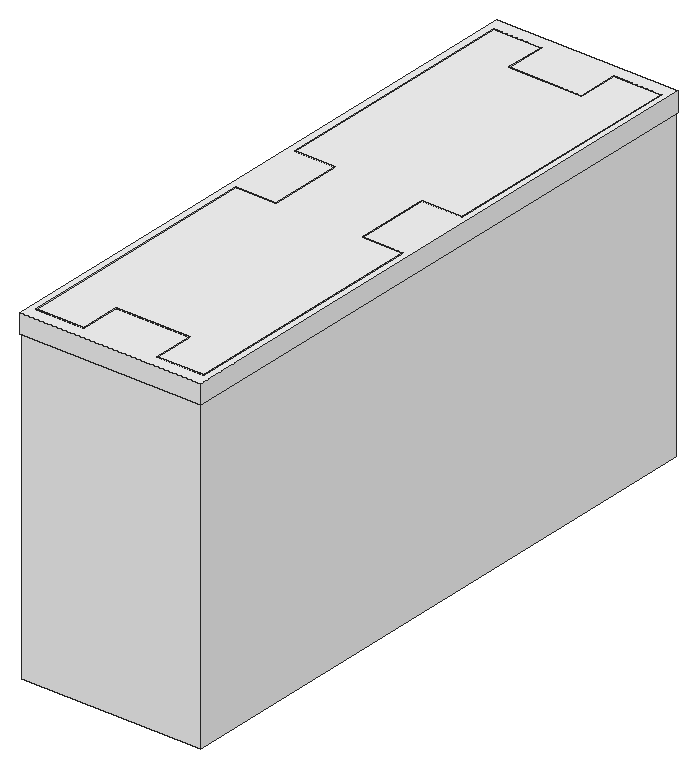
Revit family "NBS_CordekLtd_DschrgeAndVntltngStackTrmntns_GroundLevelVentBox-CGV-019", category Specialty Equipment, Revit 2014
Parameters (values of type "CGV-019")
  Width = 150.00 mm
  Weight = "n/a"
  WarrantyStartDate [instance] = "1900-12-31T23:59:59"
  WarrantyGuarantorParts = "n/a"
  WarrantyGuarantorLabor = "n/a"
  WarrantyDurationUnit = "year"
  WarrantyDurationParts = "n/a"
  WarrantyDurationLabor = "n/a"
  WarrantyDescription = "n/a"
  Version = "1"  # constant formula
  VentBoxMaterial = NBS_Concept
  VentBoxLidMaterial = NBS_Concept_Perforated
  Uniclass2015Version = "Products v1.1"  # constant formula
  Uniclass2015Reference = "Pr_65_52_61_23"
  Uniclass2015Description = "Discharge and ventilating stack terminations"
  Uniclass2 = "90-62-24/422"
  TagNumber [instance] = "n/a"
  SustainabilityPerformance = "n/a"
  Size = "500 x 150 x 275 mm"
  Shape = "Rectangular"
  SerialNumber [instance] = "n/a"
  Revision = "n/a"
  ReplacementCost = "n/a"
  Reference = "n/a"
  ProductInformation = "www.cordek.com/uploads/data_sheets/M-DS32_ground_level_vent_box_data_sheet_v2_cordek.pdf"
  NominalWidth = Width  # 150.00 mm
  NominalLength = Length  # 500.00 mm
  NominalHeight = Height  # 275.00 mm
  Name = "DischargeAndVentilatingStackTerminations_GroundLevelVentBox-CGV-019_CordekLtd"
  NBSTypeID = "n/a"
  NBSReference = "90-10-60/437"
  NBSOfficeMasterTag = "n/a"
  NBSNote = "n/a"
  NBSDescription = "Discharge and ventilating stack terminations"
  NBSCertification = "http://www.nationalbimlibrary.com/cert/fz1xiz5w"
  ModelReference = "Ground Level Vent Box - CGV-019"
  ModelNumber = "CGV-019"
  Material = "Lid: Stainless steel"
  ManufacturerURL = "www.cordek.com"
  ManufacturerName = "Cordek Ltd"  # constant formula
  Manufacturer = "info@cordek.com"  # constant formula
  Length = 500.00 mm
  InstallationDate [instance] = "1900-12-31T23:59:59"
  IfcExportType = "NOTDEFINED"  # constant formula
  IfcExportAs = "IfcStackTerminalType"  # constant formula
  Height = 275.00 mm
  Grade = "n/a"
  FreeAirFlow = "5994 mm²"
  Finish = "n/a"
  Features = "Side connection into vent box prevents surface water from entering the gas inlet, base connection to stormwater collection, land drainage or soakaway system, removable mesh over drain outlet to prevent blockage by debris"
  ExpectedLife = "n/a"
  DurationUnit = "year"
  Description = "Ground level vent box with stainless steel perforated lid"
  Constituents = "n/a"
  ConnectionSizes = "Gas inlet: 110 mm; Water outlet: 110 mm"
  ColourOptions = "n/a"
  Color = "n/a"
  CodePerformance = "n/a"
  Category = "Pr_65_52_61_23:Discharge and ventilating stack terminations"
  BarCode [instance] = "n/a"
  BIMObjectName = "NBS_CordekLtd_DischargeAndVentilatingStackTerminations_GroundLevelVentBox-CGV-019"
  Author = "NBS"  # constant formula
  AssetType = "Fixed"
  AssetIdentifier [instance] = "n/a"
  Arrangement = "Ground level vent box with perforated lid"
  Accessories = "n/a"
  AccessibilityPerformance = "n/a"
Reference planes
  plane 1 "Center (Front/Back)": y = 0
  plane 2: z = 0
  plane 3 "Center (Left/Right)": x = 0
  plane 4: y = -364
  plane 5: z = -110
  plane 6 "Back": y = -504
  plane 7 "Front": y = -4
  plane 8 "Left": x = -75
  plane 9 "Right": x = 75
  plane 10: z = -275
  plane 11: y = -254
Forms (mm)
  Extrusion 1, solid, material "NBS_Concept" <- "VentBoxMaterial"
    sketch origin (0, 0, 0) x (1, 0, 0) y (0, 1, 0)
      loop
        line (-75, -6) -> (-75, -504) -> (75, -504) -> (75, -6) -> (73, -6) -> (73, -502) -> (-73, -502) -> (-73, -6) -> (-75, -6)
    from -275 to -15
  Extrusion 2, solid, material "NBS_Concept" <- "VentBoxMaterial"
    sketch origin (0, 0, 0) x (1, 0, 0) y (0, 1, 0)
      loop
        line (-73, -6) -> (-73, -502) -> (73, -502) -> (73, -6) -> (-73, -6)
      loop
        circle (0, -364) r 52.5
    from -275 to -273
  Revolve 3, solid, material "NBS_Concept" <- "VentBoxMaterial", detail levels fine
    sketch origin (0, 0, 0) x (0, 1, 0) y (0, 0, 1)
      loop
        line (-309, -275) -> (-311.5, -275) -> (-311.5, -279) -> (-309, -279) -> (-309, -275)
      axis (-364, -275) -> (-364, -279)
    angle from 0 to 360
  Revolve 4, solid, material "NBS_Concept" <- "VentBoxMaterial", detail levels fine
    sketch origin (0, 0, 0) x (0, 1, 0) y (0, 0, 1)
      loop
        line (0, -55) -> (-4, -55) -> (-4, -57.5) -> (0, -57.5) -> (0, -55)
      axis (-4, -110) -> (0, -110)
    angle from 0 to 360
  Extrusion 5, solid, material "NBS_Concept" <- "VentBoxMaterial"
    sketch origin (0, 0, 0) x (1, 0, 0) y (0, 0, 1)
      loop
        line (-75, -15) -> (-75, -275) -> (75, -275) -> (75, -15) -> (-75, -15)
      loop
        circle (0, -110) r 52.5
    from 4 to 6
  Extrusion 6, solid, material "NBS_Concept" <- "VentBoxMaterial", detail levels fine
    sketch origin (0, 0, 0) x (1, 0, 0) y (0, 1, 0)
      loop
        line (-76, -3) -> (-76, -505) -> (76, -505) -> (76, -3) -> (-76, -3)
      loop
        line (75, -504) -> (75, -4) -> (-75, -4) -> (-75, -504) -> (75, -504)
    from 0 to -15
  Extrusion 7, solid, material "NBS_Concept" <- "VentBoxMaterial", detail levels coarse+medium
    sketch origin (0, 0, 0) x (1, 0, 0) y (0, 1, 0)
      loop
        line (-76, -3) -> (-76, -505) -> (76, -505) -> (76, -3) -> (-76, -3)
    from -15 to 1
  Extrusion 8, solid, material "NBS_Concept_Perforated" <- "VentBoxLidMaterial", detail levels fine
    sketch origin (0.513, 0, 0) x (1, 0, 0) y (0, 1, 0)
      loop
        line (-71.013, -13) -> (-71.013, -223) -> (-37.013, -223) -> (-37.013, -285) -> (-71.013, -285) -> (-71.013, -495) -> (-31.013, -495) -> (-31.013, -461) -> (30.987, -461) -> (30.987, -495) -> (69.987, -495) -> (69.987, -285) -> (35.987, -285) -> (35.987, -223) -> (69.987, -223) -> (69.987, -13) -> (29.987, -13) -> (29.987, -47) -> (-31.013, -47) -> (-31.013, -13) -> (-71.013, -13)
    from 0 to 1
  Extrusion 9, solid, material "NBS_Concept" <- "VentBoxMaterial", detail levels fine
    sketch origin (0, 0, 0) x (1, 0, 0) y (0, 1, 0)
      loop
        line (-76, -3) -> (-76, -505) -> (76, -505) -> (76, -3) -> (-76, -3)
      loop
        line (-30.5, -461) -> (31.5, -461) -> (31.5, -495) -> (70.5, -495) -> (70.5, -285) -> (36.5, -285) -> (36.5, -223) -> (70.5, -223) -> (70.5, -13) -> (30.5, -13) -> (30.5, -47) -> (-30.5, -47) -> (-30.5, -13) -> (-70.5, -13) -> (-70.5, -223) -> (-36.5, -223) -> (-36.5, -285) -> (-70.5, -285) -> (-70.5, -495) -> (-30.5, -495) -> (-30.5, -461)
    from 0 to 1
  Extrusion 10, void
    sketch origin (0, 0, 0) x (1, 0, 0) y (0, 1, 0)
      loop
        line (-76, 0) -> (-76, -505) -> (76, -505) -> (76, 0) -> (-76, 0)
    from 0 to -279
Cuts and joins
  joined: Extrusion 1, Extrusion 2, Extrusion 5
  joined: Extrusion 6, Extrusion 9
Lines and regions (mm)
  model lines, detail levels coarse+medium
    curve 1: line (70.5, -495, 1) -> (-70.5, -495, 1)
    curve 2: line (70.5, -13, 1) -> (70.5, -495, 1)
    curve 3: line (-70.5, -13, 1) -> (70.5, -13, 1)
    curve 4: line (-70.5, -495, 1) -> (-70.5, -13, 1)
Dimensions and locks
  locked: plane 7 "Front" to plane 1 "Center (Front/Back)" at 4
  "Length": plane 6 "Back" to plane 7 "Front"
  equal spacing: plane 8 "Left", plane 3 "Center (Left/Right)", plane 9 "Right"
  "Width": plane 8 "Left" to plane 9 "Right"
  locked: level to plane 5 at 110
  "Height": level to plane 10
  locked: plane 6 "Back" to plane 4 at 140
  locked: plane 8 "Left" to Extrusion 1 sketch curve at 2
  locked: Extrusion 1 sketch curve to plane 9 "Right" at 2
  locked: plane 6 "Back" to Extrusion 1 sketch curve at 2
  locked: Extrusion 1 sketch curve to plane 7 "Front" at 2  (x2)
  equal spacing: plane 6 "Back", plane 11, plane 7 "Front"
  aligned and locked: level to plane 2
  aligned and locked: plane 4 to Revolve 3 sketch curve
  aligned and locked: plane 5 to Revolve 4 sketch curve
  aligned and locked: plane 3 "Center (Left/Right)" to Extrusion 2 sketch curve
  aligned and locked: plane 4 to Extrusion 2 sketch curve
  aligned and locked: plane 3 "Center (Left/Right)" to Extrusion 5 sketch curve
  aligned and locked: plane 5 to Extrusion 5 sketch curve
  aligned and locked: Extrusion 5 to Extrusion 1
  aligned and locked: Extrusion 8 to level
  aligned and locked: Extrusion 9 to level
  aligned and locked: Extrusion 10 sketch curve to cut or joined group of Extrusion 6, Extrusion 9  (x3)
  aligned and locked: plane 1 "Center (Front/Back)" to Extrusion 10 sketch curve
  aligned and locked: Extrusion 10 to level
  aligned and locked: Extrusion 10 to Revolve 3
Automatic sketch dimensions
  Extrusion 1 sketch curve to plane 8 "Left" = 0.00 mm
  plane 6 "Back" to Extrusion 1 sketch curve = 0.00 mm
  Extrusion 1 sketch curve to plane 9 "Right" = 0.00 mm
  Extrusion 2 sketch curve to plane 8 "Left" = 2.00 mm
  plane 9 "Right" to Extrusion 2 sketch curve = 2.00 mm
  Extrusion 2 sketch curve to plane 6 "Back" = 2.00 mm
  plane 7 "Front" to Extrusion 2 sketch curve = 2.00 mm
  plane 10 to Revolve 3 sketch curve = 0.00 mm
  plane 4 to Revolve 3 sketch curve = 52.50 mm
  Revolve 3 sketch curve to Revolve 3 sketch curve = 2.50 mm
  Revolve 3 sketch curve to Revolve 3 sketch curve = 4.00 mm
  plane 10 to Revolve 3 sketch curve = 52.00 mm
  Revolve 3 sketch curve to plane 10 = 2.00 mm
  Revolve 4 sketch curve to plane 7 "Front" = 0.00 mm
  Revolve 4 sketch curve to plane 1 "Center (Front/Back)" = 0.00 mm
  plane 5 to Revolve 4 sketch curve = 52.50 mm
  Revolve 4 sketch curve to Revolve 4 sketch curve = 2.50 mm
  plane 7 "Front" to Revolve 4 sketch curve = 2.00 mm
  Revolve 4 sketch curve to plane 1 "Center (Front/Back)" = 96.00 mm
  plane 8 "Left" to Extrusion 5 sketch curve = 0.00 mm
  Extrusion 5 sketch curve to level = 15.00 mm
  plane 9 "Right" to Extrusion 5 sketch curve = 0.00 mm
  Extrusion 5 sketch curve to plane 10 = 0.00 mm
  plane 7 "Front" to Extrusion 6 sketch curve = 0.00 mm
  Extrusion 6 sketch curve to plane 8 "Left" = 0.00 mm
  Extrusion 6 sketch curve to plane 9 "Right" = 0.00 mm
  plane 6 "Back" to Extrusion 6 sketch curve = 0.00 mm
  plane 8 "Left" to Extrusion 6 sketch curve = 1.00 mm
  Extrusion 6 sketch curve to plane 9 "Right" = 1.00 mm
  plane 6 "Back" to Extrusion 6 sketch curve = 1.00 mm
  Extrusion 6 sketch curve to plane 7 "Front" = 1.00 mm
  plane 8 "Left" to Extrusion 7 sketch curve = 1.00 mm
  Extrusion 7 sketch curve to plane 9 "Right" = 1.00 mm
  plane 6 "Back" to Extrusion 7 sketch curve = 1.00 mm
  Extrusion 7 sketch curve to plane 7 "Front" = 1.00 mm
  Extrusion 8 sketch curve to plane 8 "Left" = 4.50 mm  (x2)
  Extrusion 8 sketch curve to Extrusion 8 sketch curve = 34.00 mm  (x3)
  plane 7 "Front" to Extrusion 8 sketch curve = 9.00 mm  (x2)
  Extrusion 8 sketch curve to plane 3 "Center (Left/Right)" = 30.50 mm  (x2)
  Extrusion 8 sketch curve to plane 6 "Back" = 9.00 mm  (x2)
  plane 3 "Center (Left/Right)" to Extrusion 8 sketch curve = 31.50 mm
  plane 3 "Center (Left/Right)" to Extrusion 8 sketch curve = 30.50 mm
  plane 3 "Center (Left/Right)" to Extrusion 8 sketch curve = 36.50 mm
  plane 9 "Right" to Extrusion 8 sketch curve = 4.50 mm  (x2)
  plane 4 to Extrusion 8 sketch curve = 79.00 mm
  Extrusion 8 sketch curve to Extrusion 8 sketch curve = 0.00 mm
  Extrusion 8 sketch curve to Extrusion 8 sketch curve = 62.00 mm  (x2)
  plane 8 "Left" to Extrusion 9 sketch curve = 1.00 mm
  Extrusion 9 sketch curve to plane 9 "Right" = 1.00 mm
  plane 6 "Back" to Extrusion 9 sketch curve = 1.00 mm
  Extrusion 9 sketch curve to plane 7 "Front" = 1.00 mm
  Extrusion 9 sketch curve to plane 8 "Left" = 4.50 mm  (x2)
  Extrusion 9 sketch curve to Extrusion 9 sketch curve = 34.00 mm  (x3)
  Extrusion 9 sketch curve to plane 6 "Back" = 9.00 mm  (x2)
  Extrusion 9 sketch curve to plane 3 "Center (Left/Right)" = 30.50 mm  (x2)
  plane 7 "Front" to Extrusion 9 sketch curve = 9.00 mm  (x2)
  plane 3 "Center (Left/Right)" to Extrusion 9 sketch curve = 30.50 mm
  plane 3 "Center (Left/Right)" to Extrusion 9 sketch curve = 31.50 mm
  plane 3 "Center (Left/Right)" to Extrusion 9 sketch curve = 36.50 mm
  plane 9 "Right" to Extrusion 9 sketch curve = 4.50 mm  (x2)
  plane 4 to Extrusion 9 sketch curve = 79.00 mm
  Extrusion 9 sketch curve to Extrusion 9 sketch curve = 0.00 mm
  Extrusion 9 sketch curve to Extrusion 9 sketch curve = 62.00 mm  (x2)
  curve 1 to Extrusion 9 = 0.00 mm  (x2)
  Extrusion 9 to curve 3 = 0.00 mm
  curve 3 to Extrusion 9 = 0.00 mm
  radius of Extrusion 2 sketch curve = 52.50 mm
  radius of Extrusion 5 sketch curve = 52.50 mm
Connectors
  piping at (0, -364, -275), diameter 110
    settings: on cut or joined group of Extrusion 1, Extrusion 2, Extrusion 5, index 1, connector inside diameter 609.6 mm, connector length 0.00 mm, flow factor 0, pipe flow 0.0 L/s, pressure drop 0.0 Pa, fitting loss kfactor 0, connector angle 0.00°, fixture units 0, engagement length 0.00 mm, angle of deflection 0.00°, flow configuration 0, flow direction 2, fitting loss method 0, system type 17, joint type 0, gender type 0, connector reference index -1, connector utility 0, adjustable connector no, is connector primary yes, connector description ""
  piping at (0, -4, -110), diameter 110
    settings: on cut or joined group of Extrusion 1, Extrusion 2, Extrusion 5, index 2, connector inside diameter 609.6 mm, connector length 0.00 mm, flow factor 0, pipe flow 0.0 L/s, pressure drop 0.0 Pa, fitting loss kfactor 0, connector angle 0.00°, fixture units 0, engagement length 0.00 mm, angle of deflection 0.00°, flow configuration 0, flow direction 1, fitting loss method 0, system type 17, joint type 0, gender type 0, connector reference index -1, connector utility 0, adjustable connector no, is connector primary no, connector description ""
